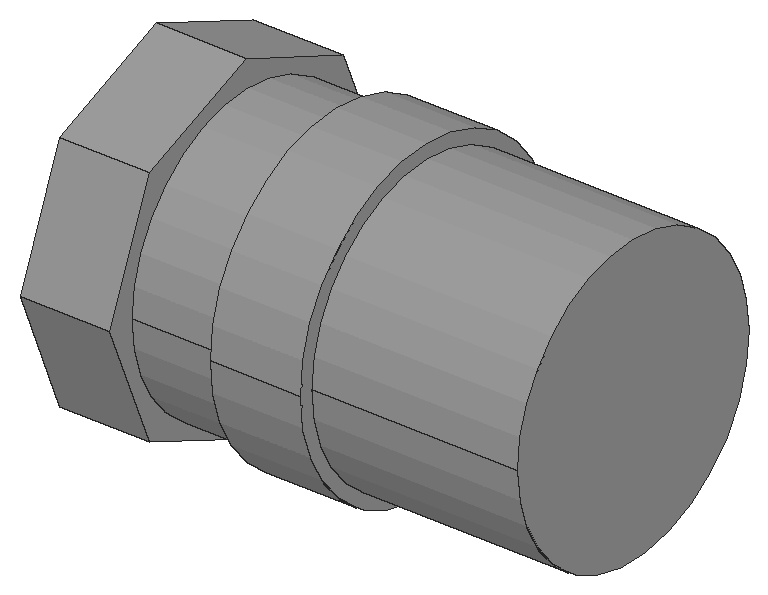
Revit family "BIMLIB_Переход_с_накидной_гайкой_PEX_РОСТерм", category Соединительные детали трубопроводов, Revit 2017
Family settings
  Размер круглого соединителя = Использовать диаметр
  Тип детали = Соединение
  На основе рабочей плоскости = Нет
  Всегда вертикально = Да
  При загрузке вырезать с полостями = Нет
  Общий = Нет
Parameters (values of type "Переход с накидной гайкой PEX")
  РТ_S [instance] = size_lookup("Наименование", "РТ_S", 0 mm, РТ_DN, РТ_GN)  # 35 mm
  РТ_J [instance] = 10 mm  # constant formula
  РТ_B [instance] = size_lookup("Наименование", "РТ_B", 0 mm, РТ_DN, РТ_GN)  # 35 mm
  РТ_GN [instance] = 25 mm
  РТ_L [instance] = size_lookup("Наименование", "РТ_L", 0 mm, РТ_DN, РТ_GN)  # 43 mm
  РТ_DN [instance] = 32 mm
  built-in parameter 1114238 [instance] = 1
  Description = ""
  built-in parameter 1114242 [instance] = (empty or 0)
  Изготовитель = "РОСТерм"  # constant formula
  URL = "http://rostherm.ru/"
  BL_Разработано = "support@bimlib.ru"  # constant formula
  BL_Email = "rostherm@bimlib.ru"  # constant formula
  BL_BIM library = "https://bimlib.pro/manufacturer/rosterm/1632/"
  ADSK_Расход жидкости [instance] = 0.0 L/s
  ADSK_Позиция = ""
  ADSK_Обозначение [instance] = "ГОСТ 32415-2013"  # constant formula
  ADSK_Наименование краткое [instance] = size_lookup("Наименование", "", "", РТ_DN, РТ_GN)  # "Переход с накидной гайкой 32х1''"
  ADSK_Наименование [instance] = size_lookup("Наименование", "", "", РТ_DN, РТ_GN)  # "Переход с накидной гайкой 32х1''"
  ADSK_Материал = BIMLIB_Латунь_РТ
  ADSK_Масса_Текст = ""
  ADSK_Масса [instance] = 0
  ADSK_Марка [instance] = size_lookup("Артикул", "", "", РТ_DN, РТ_GN)  # "5217"
  ADSK_Код изделия [instance] = size_lookup("Артикул", "", "", РТ_DN, РТ_GN)  # "5217"
  ADSK_Завод-изготовитель = "РОСТерм"  # constant formula
  ADSK_Единица измерения = "шт."  # constant formula
  ADSK_URL страницы изделия = "http://rostherm.ru/pexb/"
  ADSK_URL документации изделия = "http://rostherm.ru/"
Reference planes
  plane 1 "По центру (Вперед/Назад)": y = 0
  plane 2: z = 0
  plane 3 "По центру (Влево/Вправо)": x = 0
  plane 4: x = -10
  plane 5: x = 43
  plane 6: x = 10
  plane 7: x = 10
  plane 8: y = 17.5
  plane 9: y = -17.5
Forms (mm)
  Extrusion 1, solid, material "BIMLIB_Латунь_РТ" <- "ADSK_Материал", detail levels medium+fine
    sketch origin (0, 0, 0) x (0, 1, 0) y (0, 0, 1)
      loop
        line (0, 18.942) -> (-13.394, 13.394) -> (-18.942, 0) -> (-13.394, -13.394) -> (0, -18.942) -> (13.394, -13.394) -> (18.942, 0) -> (13.394, 13.394) -> (0, 18.942)
    from -10 to 0
  Extrusion 2, solid, material "BIMLIB_Латунь_РТ" <- "ADSK_Материал", detail levels medium+fine
    sketch origin (0, 0, 0) x (0, 1, 0) y (0, 0, 1)
      loop
        circle (0, 0) r 16
    from 0 to 43
  Extrusion 3, solid, material "BIMLIB_Латунь_РТ" <- "ADSK_Материал", detail levels medium+fine
    sketch origin (0, 0, 0) x (0, 1, 0) y (0, 0, 1)
      loop
        circle (0, 0) r 17.5
    from 10 to 20
Lines and regions (mm)
  model lines, detail levels coarse
    curve 1: line (-10, 0, 0) -> (43, 0, 0)
    curve 2: line (-10, 0, 19.471) -> (43, 0, 19.471)
    curve 3: line (-10, 0, -19.483) -> (43, 0, -19.483)
  symbolic lines, detail levels coarse
    curve 4: line (-10, 17.5, 0) -> (43, 17.5, 0)
    curve 5: line (-10, -17.5, 0) -> (43, -17.5, 0)
Dimensions and locks
  equal spacing: Extrusion 1 sketch curve, plane 2, Extrusion 1 sketch curve  (x4)
  "РТ_S": Extrusion 1 sketch curve to Extrusion 1 sketch curve  (x4)
  "РТ_J": plane 4 to plane 3 "По центру (Влево/Вправо)"
  "РТ_L": plane 3 "По центру (Влево/Вправо)" to plane 5
  "РТ_J": plane 3 "По центру (Влево/Вправо)" to plane 7
  "РТ_J": plane 7 to Extrusion 3
  equal spacing: plane 8, plane 1 "По центру (Вперед/Назад)", plane 9
  "РТ_S": plane 8 to plane 9
  "РТ_DN": diameter of Extrusion 2 sketch curve
  "РТ_B": diameter of Extrusion 3 sketch curve
  locked: Extrusion 1 sketch curve to Extrusion 1 sketch curve (angle 135.00°)  (x7)
  aligned and locked: level to plane 2
  aligned and locked: Extrusion 1 to plane 4
  aligned and locked: plane 2 to Extrusion 2 sketch curve
  aligned and locked: plane 1 "По центру (Вперед/Назад)" to Extrusion 2 sketch curve
  aligned and locked: plane 5 to Extrusion 2
  aligned and locked: plane 4 to curve 1
  aligned and locked: plane 5 to curve 1
  aligned and locked: plane 1 "По центру (Вперед/Назад)" to curve 1
  aligned and locked: plane 4 to curve 2
  aligned and locked: plane 5 to curve 5
  aligned and locked: plane 4 to curve 5
  aligned and locked: plane 1 "По центру (Вперед/Назад)" to curve 2
  aligned and locked: plane 1 "По центру (Вперед/Назад)" to curve 3
  aligned and locked: curve 4 to Extrusion 1
  aligned and locked: plane 5 to curve 4
  aligned and locked: Extrusion 2 to plane 3 "По центру (Влево/Вправо)"
  aligned and locked: plane 3 "По центру (Влево/Вправо)" to Extrusion 1
  aligned and locked: Extrusion 3 to plane 6
  aligned and locked: curve 4 to plane 8
  aligned and locked: curve 5 to plane 9
Automatic sketch dimensions
  curve 3 to plane 4 = 0 mm
  curve 3 to plane 5 = 0 mm
  curve 2 to plane 5 = 0 mm
  curve 2 to plane 4 = 0 mm
  Extrusion 1 sketch curve to plane 1 "По центру (Вперед/Назад)" = 0 mm
  Extrusion 3 sketch curve to level = 0 mm
  Extrusion 3 sketch curve to plane 1 "По центру (Вперед/Назад)" = 0 mm
Connectors
  piping at (0, 0, 0), diameter 25, driven by "РТ_GN"
    settings: on Extrusion 2, index 1, connector inside diameter 609.6 mm, connector length 0 mm, flow factor 0, pipe flow 0.0 L/s, pressure drop 0.0 Pa, fitting loss kfactor 0, connector angle 0.00°, fixture units 0, engagement length 0 mm, angle of deflection 0.00°, flow configuration 0, flow direction 0, fitting loss method 0, system type 28, joint type 0, gender type 0, connector reference index 4, connector utility 0, adjustable connector no, is connector primary yes, connector description ""
  piping at (43, 0, 0), diameter 32, driven by "РТ_DN"
    settings: on Extrusion 2, index 4, connector inside diameter 609.6 mm, connector length 0 mm, flow factor 0, pipe flow 0.0 L/s, pressure drop 0.0 Pa, fitting loss kfactor 0, connector angle 0.00°, fixture units 0, engagement length 0 mm, angle of deflection 0.00°, flow configuration 0, flow direction 0, fitting loss method 0, system type 28, joint type 0, gender type 0, connector reference index 1, connector utility 0, adjustable connector no, is connector primary no, connector description ""
